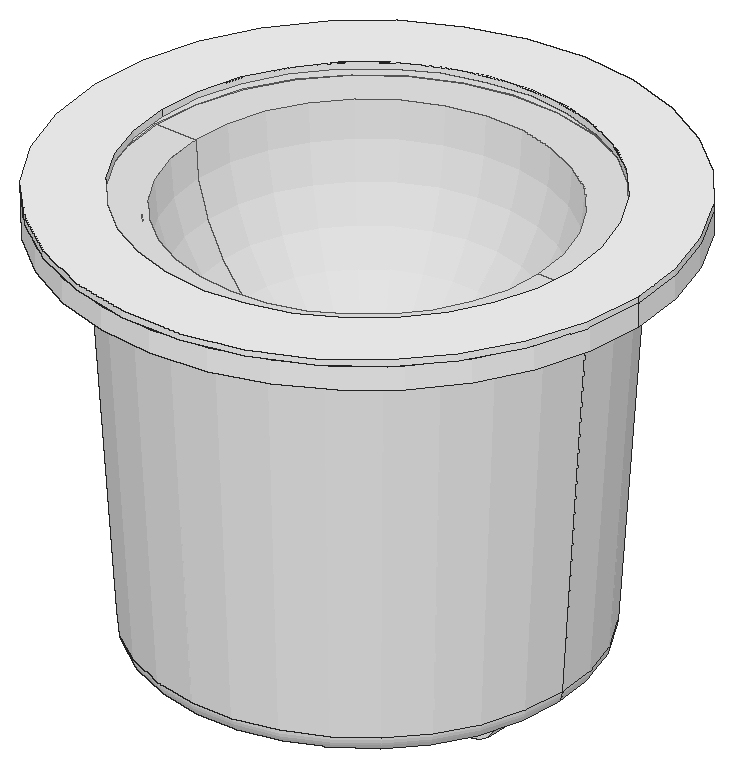
Revit family "2058902 Feilo Sylvania Lighting Fixture MYRD IP FL 4K PHDMEM BLK WBEZ", category Lighting Fixtures, host Face, Revit 2017
Family settings
  Host = Face
  Round Connector Dimension = Use Diameter
  Part Type = Normal
  OmniClass Number = 23.80.70.11.17
  OmniClass Title = Specialized Lighting by Location or Use
  Cut with Voids When Loaded = No
  Light Source = Yes
  Shared = No
  Room Calculation Point = No
Parameters
  Weight = "1.44 kg"
  Wattage = 12 W
  WarrantyStartDate [instance] = "n/a"
  WarrantyGuarantorParts = "n/a"
  WarrantyDurationUnit = "n/a"
  WarrantyDurationParts = "n/a"
  WarrantyDescription = "n/a"
  built-in parameter 1150110 = 1 (stored number, unit not read)
  Voltage = 230 V
  URL = "http://www.sylvania-lighting.com"
  TypeName = "MYRD IP FL 4K PHDMEM BLK WBEZ"
  Type Image = 0
  Type Comments = ""
  built-in parameter 1114217 = 1 (stored number, unit not read)
  Tilt Angle = -90°
  built-in parameter 1150109 = 1 (stored number, unit not read)
  built-in parameter 1150134 = 12
  built-in parameter 1150113 = 1 (stored number, unit not read)
  SerialNumber [instance] = "n/a"
  Reflector Radius = Cutout Diameter / 2 - 2.5 mm  # 35.0 mm
  Reflector Material = Aluminum_Sylvania_Myriad_Bright
  Recessed Depth = Height  # 72.0 mm
  PowerFactor = 0
  PowerConsumption = "12 W"
  Photometric Web File = ""
  NominalWidth = 0.0 mm
  NominalLength = 76.0 mm
  NominalHeight = 72.0 mm
  Name = "MYRD IP FL 4K PHDMEM BLK WBEZ"
  ModelReference = "MYRD IP FL 4K PHDMEM BLK WBEZ"
  ModelNumber = "2058902"
  Material = "Aluminium"
  ManufacturerName = "Feilo Sylvania"
  LuminousEfficacy = "98 lm/W"
  LuminaireType = "Ceiling recessed"
  LightOutputRatio = "1"
  LampsType = Lamp  # "LED"
  LampNominalLuminous = "977 lm"
  LampMacAdamStep = "n/a"
  LampColourTemperature = "4000 K"
  LampColourRenderingIndex = "n/a"
  Keynote = "16500"
  Keynote_2 = "16500"
  InstallationDate [instance] = "n/a"
  InputVoltage = "230-240V~"
  InputNominalFrequency = "50/60 Hz"
  IngressProtection = "IP65"
  ImpactProtectionIndex = "IK02"
  IfcExportType = "IfcLightFixtureType"
  IfcExportAs = "IfcLightFixtureType"
  Height = 72.0 mm  # constant formula
  ExpectedLife = 50000
  Emit from Circle Diameter = Accessory Inner Diameter 2  # 68.0 mm
  Emit Shape Visible in Rendering = no
  ElectricShockClassification = "Class II"
  DurationUnit = "hours"
  DocumentationLiterature = "http://www.sylvania-lighting.com/product/en-int/products/2058902"
  DimmingControlOptions = "Dimmable"
  Diffuser Material = Glass_Sylvania_Myriad_Clear_4000K
  Diffuser Diameter = Cutout Diameter  # 75.0 mm
  Cutout Diameter = 75.0 mm  # constant formula
  CreatedOn = "03-11-2017"
  CreatedBy = ""
  Cost = 0
  built-in parameter 1114216 [instance] = 1 (stored number, unit not read)
  built-in parameter 1150142 = (empty or 0)
  Model = "MYRD IP FL 4K PHDMEM BLK WBEZ"
  Manufacturer = "Feilo Sylvania"  # constant formula
  built-in parameter 1150105 = 93.583 (stored number, unit not read)
  Lumens = 1176 lm
  built-in parameter 1150115 = 1 (stored number, unit not read)
  built-in parameter 1150137 = (empty or 0)
  built-in parameter 1150139 = (empty or 0)
  built-in parameter 1150112 = 1 (stored number, unit not read)
  built-in parameter 1150114 = 1 (stored number, unit not read)
  Lamp = "LED"
  built-in parameter 1150132 = (empty or 0)
  built-in parameter 1150102 = (empty or 0)
  built-in parameter 1150107 = 4000 (stored number, unit not read)
  built-in parameter 1150138 = (empty or 0)
  built-in parameter 1150106 = 0.93583 (stored number, unit not read)
  built-in parameter 1150104 = 9.1045 (stored number, unit not read)
  Dimming Lamp Color Temperature Shift = (empty or 0)
  Description = "Supplied complete with electronic control gear Compact Fluorescent low energy downlight Emergency version passes through the cut out Ideal for low level orientation lighting New range of Architectural accessories each providing a different lit dimension New completely flush plaster up accessory ring for clean ceiling lines and smooth finish Order lamp separately"  # constant formula
  Default Elevation = 0.0 mm
  Color Filter = 16777215
  built-in parameter 1140040 [instance] = 1
  Body Radius = Reflector Radius + 1.5 mm  # 36.5 mm
  Body Material = Aluminum_Sylvania_Myriad_Gray
  BarCode [instance] = "n/a"
  built-in parameter 1114218 = 1 (stored number, unit not read)
  built-in parameter 1150133 = 10 (stored number, unit not read)
  AssetType = "Fixed"
  AssetIdentifier [instance] = "n/a"
  Assembly Code = "D5020200"
  Apparent Load = 12 VA
  Accessory Material = Aluminum_Sylvania_Myriad_White
  Accessory Inner Diameter 2 = Accessory Diameter - 22.0 mm  # 68.0 mm
  Accessory Inner Diameter 1 = Accessory Diameter - 2.0 mm  # 88.0 mm
  Accessory Diameter = Cutout Diameter + 15.0 mm  # 90.0 mm
Reference planes
  plane 1 "Center (Front/Back)": y = 0
  plane 2: z = 0
  plane 3 "Center (Left/Right)": x = 0
  plane 4: z = 2
  plane 5 "Fixture Bottom": z = 4.5
  plane 6: z = -28.5
  plane 7: z = -61.5
  plane 8 "Fixture Top": z = -67.5
  plane 9: z = 3.5
Forms (mm)
  Revolve 1, solid, material "Aluminum_Sylvania_Myriad_Bright" <- "Reflector Material", detail levels fine
    sketch origin (0, 0, 0) x (1, 0, 0) y (0, 0, 1)
      loop
        line (0, -27.515) -> (-6, -27.515)
        arc (-6, -27.515) -> (-22.333, -16.632) -> (-28.5, 2) r 30.135
        line (-28.5, 2) -> (-35, 2) -> (-35, 0) -> (-29.184, 0)
        arc (-29.184, 0) -> (-22.423, -18.18) -> (-6, -28.5) r 30.204
        line (-6, -28.5) -> (0, -28.5) -> (0, -27.515)
      axis (0, -28.5) -> (0, 2)
    angle from 0 to 360
  Revolve 2, solid, material "Aluminum_Sylvania_Myriad_Gray" <- "Body Material", detail levels fine
    sketch origin (0, 0, 0) x (1, 0, 0) y (0, 0, 1)
      loop
        line (-44, 2) -> (-44, 0) -> (-36.5, 0) -> (-32.42, -58.708)
        arc (-32.42, -58.708) -> (-31.474, -60.694) -> (-29.428, -61.5) r 3
        line (-29.428, -61.5) -> (0, -61.5) -> (0, -28.5) -> (-6, -28.5)
        arc (-6, -28.5) -> (-22.423, -18.18) -> (-29.184, 0) r 30.204
        line (-29.184, 0) -> (-35, 0) -> (-35, 2) -> (-44, 2)
      axis (0, 2) -> (0, -61.5)
    angle from 0 to 360
  Extrusion 3, solid, material "Aluminum_Sylvania_Myriad_Gray" <- "Body Material", detail levels fine
    sketch origin (0, 0, 0) x (1, 0, 0) y (0, 0, 1)
      loop
        line (-13.5, -67.5) -> (21, -67.5)
        arc (21, -67.5) -> (23.828, -66.328) -> (25, -63.5) r 4
        line (25, -63.5) -> (25, -61.5) -> (-17.5, -61.5) -> (-17.5, -63.5)
        arc (-17.5, -63.5) -> (-16.328, -66.328) -> (-13.5, -67.5) r 4
    from -4.5 to 4.5
  Extrusion 4, solid, material "Aluminum_Sylvania_Myriad_White" <- "Accessory Material", detail levels fine
    sketch origin (0, 0, 0) x (1, 0, 0) y (0, 1, 0)
      loop
        circle (0, 0) r 45
      loop
        circle (0, 0) r 44
    from 0 to 3.5
  Extrusion 5, solid, material "Aluminum_Sylvania_Myriad_White" <- "Accessory Material", detail levels fine
    sketch origin (0, 0, 0) x (1, 0, 0) y (0, 1, 0)
      loop
        circle (0, 0) r 45
      loop
        circle (0, 0) r 34
    from 3.5 to 4.5
  Extrusion 6, solid, material "Aluminum_Sylvania_Myriad_White" <- "Accessory Material", detail levels coarse+medium
    sketch origin (0, 0, 0) x (1, 0, 0) y (0, 1, 0)
      loop
        circle (0, 0) r 45
    from 0 to 4.5
  Revolve 7, solid, detail levels coarse+medium
    sketch origin (0, 0, 0) x (1, 0, 0) y (0, 0, 1)
      loop
        line (36.5, 0) -> (0, 0) -> (0, -61.5) -> (32.226, -61.5) -> (36.5, 0)
      axis (0, 0) -> (0, -61.5)
    angle from 0 to 360
  Extrusion 8, void
    sketch origin (0, 0, 0) x (1, 0, 0) y (0, 1, 0)
      loop
        circle (0, 0) r 37.5
    from -67.5 to 0
  Extrusion 9, solid, material "Glass_Sylvania_Myriad_Clear_4000K" <- "Diffuser Material", detail levels fine
    sketch origin (0, 0, 0) x (1, 0, 0) y (0, 1, 0)
      loop
        circle (0, 0) r 37.5
    from 2 to 3.5
Cuts and joins
  joined: Extrusion 4, Extrusion 5
Lines and regions (mm)
  Masking region 1
    outline origin (0, 0, 0) x (1, 0, 0) y (0, 1, 0)
      loop
        circle (0, 0) r 45
  symbolic lines
    curve 1: arc (-34, 0, 0) -> (0, 34, 0) -> (34, 0, 0) r 34
    curve 2: arc (34, 0, 0) -> (0, -34, 0) -> (-34, 0, 0) r 34
Dimensions and locks
  locked: plane 7 to plane 8 "Fixture Top" at 6
  "Body Radius": Revolve 7 sketch curve to plane 3 "Center (Left/Right)"
  locked: Revolve 7 sketch curve to Revolve 7 sketch curve at 4.274
  plane 5 "Fixture Bottom" to plane 9 to plane 4 to plane 2 to plane 6 = 1.0 mm locked, 1.5 mm locked, 2.0 mm locked, 28.5 mm locked
  "Reflector Radius": Revolve 1 sketch curve to plane 3 "Center (Left/Right)"
  Revolve 1 sketch curve to Revolve 1 sketch curve to Revolve 1 sketch curve to Revolve 1 sketch curve = 6.5 mm locked, 22.5 mm locked, 0.0 mm locked
  "Reflector Radius": plane 3 "Center (Left/Right)" to Revolve 2 sketch curve
  Revolve 2 sketch curve to Revolve 2 sketch curve to Revolve 2 sketch curve = 7.5 mm locked, 1.5 mm locked
  Revolve 2 sketch curve to Revolve 2 sketch curve to Revolve 2 sketch curve = 5.816 mm locked, 23.184 mm locked
  Revolve 2 sketch curve to Revolve 2 sketch curve to Revolve 2 sketch curve = 2.58 mm locked, 2.993 mm locked
  "Accessory Diameter": diameter of Extrusion 4 sketch curve
  "Accessory Inner Diameter 1": diameter of Extrusion 4 sketch curve
  "Accessory Diameter": diameter of Extrusion 5 sketch curve
  "Accessory Diameter": diameter of Extrusion 6 sketch curve
  "Cutout Diameter": diameter of Extrusion 8 sketch curve
  "Accessory Inner Diameter 2": diameter of Extrusion 5 sketch curve
  "Diffuser Diameter": diameter of Extrusion 9 sketch curve
  aligned and locked: plane 2 to host face
  aligned and locked: level to host face
  aligned and locked: plane 1 "Center (Front/Back)" to imposter light
  aligned and locked: plane 3 "Center (Left/Right)" to imposter light
  aligned and locked: Revolve 1 sketch curve to imposter light
  aligned and locked: Extrusion 3 sketch curve to plane 8 "Fixture Top"
  aligned and locked: plane 7 to Extrusion 3 sketch curve
  aligned and locked: Extrusion 4 to plane 2
  aligned and locked: plane 9 to Extrusion 4
  aligned and locked: Extrusion 5 to plane 9
  aligned and locked: plane 5 "Fixture Bottom" to Extrusion 5
  aligned and locked: Extrusion 6 to plane 2
  aligned and locked: plane 5 "Fixture Bottom" to Extrusion 6
  aligned and locked: Extrusion 8 to plane 8 "Fixture Top"
  aligned and locked: plane 2 to Extrusion 8
  aligned and locked: Masking region 1 sketch curve to Extrusion 6  (x2)
  aligned and locked: Extrusion 9 to plane 4
  aligned and locked: plane 9 to Extrusion 9
  aligned and locked: plane 4 to Revolve 2 sketch curve
  aligned and locked: Revolve 2 sketch curve to plane 2
  aligned and locked: curve 1 to cut or joined group of Extrusion 4, Extrusion 5
  aligned and locked: curve 2 to cut or joined group of Extrusion 4, Extrusion 5
  aligned and locked: imposter light to plane 5 "Fixture Bottom"
Automatic sketch dimensions
  host sketch curve to host sketch curve = 1305.563 mm
  host sketch curve to host sketch curve = 1283.632 mm
  Extrusion 3 sketch curve to plane 7 = 2.0 mm
  Extrusion 3 sketch curve to plane 3 "Center (Left/Right)" = 13.5 mm
  plane 3 "Center (Left/Right)" to Extrusion 3 sketch curve = 21.0 mm
  Extrusion 3 sketch curve to Extrusion 3 sketch curve = 4.0 mm
  Revolve 1 sketch curve to level = 0.0 mm
  Revolve 1 sketch curve to plane 3 "Center (Left/Right)" = 0.0 mm
  Revolve 1 sketch curve to plane 6 = 0.0 mm
  Revolve 1 sketch curve to plane 4 = 0.0 mm
  Revolve 1 sketch curve to Revolve 1 sketch curve = 0.684 mm
  level to Revolve 1 sketch curve = 0.88 mm
  Revolve 1 sketch curve to plane 4 = 0.363 mm
  Revolve 1 sketch curve to Revolve 1 sketch curve = 0.625 mm
  Revolve 1 sketch curve to plane 8 "Fixture Top" = 232.8 mm
  plane 5 "Fixture Bottom" to Revolve 1 sketch curve = 291.243 mm
  Revolve 2 sketch curve to plane 3 "Center (Left/Right)" = 0.0 mm  (x2)
  Revolve 2 sketch curve to plane 7 = 0.0 mm
  Revolve 2 sketch curve to plane 6 = 0.0 mm
  Revolve 2 sketch curve to level = 0.0 mm
  level to Revolve 2 sketch curve = 0.88 mm
  plane 7 to Revolve 2 sketch curve = 2.792 mm
  Revolve 2 sketch curve to plane 8 "Fixture Top" = 304.774 mm
  plane 5 "Fixture Bottom" to Revolve 2 sketch curve = 1137.105 mm
  Extrusion 4 sketch curve to Extrusion 4 sketch curve = 0.0 mm  (x2)
  plane 1 "Center (Front/Back)" to Extrusion 4 sketch curve = 0.0 mm
  Extrusion 4 sketch curve to plane 3 "Center (Left/Right)" = 0.0 mm
  Extrusion 5 sketch curve to Extrusion 5 sketch curve = 0.0 mm  (x2)
  plane 1 "Center (Front/Back)" to Extrusion 5 sketch curve = 0.0 mm
  Extrusion 5 sketch curve to plane 3 "Center (Left/Right)" = 0.0 mm
  plane 1 "Center (Front/Back)" to Extrusion 6 sketch curve = 0.0 mm
  Extrusion 6 sketch curve to plane 3 "Center (Left/Right)" = 0.0 mm
  Revolve 7 sketch curve to level = 0.0 mm
  Revolve 7 sketch curve to plane 3 "Center (Left/Right)" = 0.0 mm  (x2)
  Revolve 7 sketch curve to plane 7 = 0.0 mm
  Revolve 7 sketch curve to plane 8 "Fixture Top" = 304.774 mm
  plane 5 "Fixture Bottom" to Revolve 7 sketch curve = 43.226 mm
  plane 1 "Center (Front/Back)" to Extrusion 8 sketch curve = 0.0 mm
  Extrusion 8 sketch curve to plane 3 "Center (Left/Right)" = 0.0 mm
  plane 1 "Center (Front/Back)" to Extrusion 9 sketch curve = 0.0 mm
  Extrusion 9 sketch curve to plane 3 "Center (Left/Right)" = 0.0 mm
Connectors
  electrical at (-0.006, -0.019, -67.5), driven by "Apparent Load", driven by "Apparent Load"
    settings: on plane 8 "Fixture Top", index 1, voltage 230 V, apparent load 12 VA, apparent load phase1 12 VA, apparent load phase2 0 VA, apparent load phase3 0 VA, power factor 1, load classification "Lighting", number of poles 1, system type 30, power factor state 1, is connector primary yes, connector utility no, sub classification motor no, connector description ""
